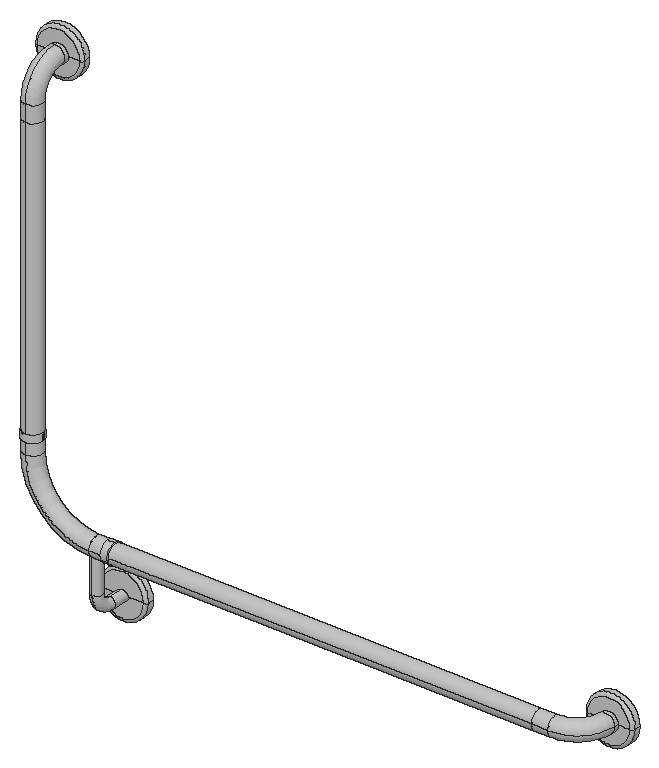
Revit family "RBA4090-911", category Plumbing Fixtures, Revit 2021
Family settings
  Round Connector Dimension = Use Diameter
  Part Type = Normal
  Work Plane-Based = No
  Always vertical = Yes
  Cut with Voids When Loaded = No
  Shared = No
  Room Calculation Point = No
Parameters
  Watermarked By = "www.rba.com.au"
  URL = "www.rba.com.au"
  R_Void [instance] = 15.00 mm
  R [instance] = 0.00 mm
  Phone Number = "1300 788 778"
  Model = "RBA4090-911"
  Materials & Finishes = #304 Stainless Steel, Satin Finish
  Manufacturer Model = "B819436"
  Manufacturer = "RBA Group"
  Description = "RTA SSS Right Hand Single Wall 90° Rail"
  Default Elevation = 0.00 mm
  Copyrighted by = "RBA Group"  # constant formula
  Assembly Code = ""
Reference planes
  plane 1 "Center (Front/Back)": y = 0
  plane 2: z = 0
  plane 3: x = 40.5
  plane 4: x = 990.5
  plane 5: x = 515.5
  plane 6: z = 700
  plane 7: x = 835.5
  plane 8: z = -100
  plane 9: x = 974.5
  plane 10: z = 16
  plane 11: y = -70
  plane 12: y = -86
  plane 13: y = -54
  plane 14: y = -79.5
  plane 15: y = -60.5
  plane 16: z = -30
  plane 17: z = 30
  plane 18: x = 1606.5
  plane 19: x = 1666.5
  plane 20: z = 670
  plane 21: z = 730
  plane 22: x = 716.5
  plane 23: x = 656.5
  plane 24: z = -130
  plane 25: z = -70
  plane 26: x = 766.5
  plane 27: x = 826.5
  plane 28: x = 686.5
Forms (mm)
  Extrusion 1, solid, material "#304 Stainless Steel, Satin Finish" <- "Materials & Finishes"
    sketch origin (1636.5, -2.628, 315.907) x (0, 0, -1) y (-1, 0, 0)
      loop
        circle (315.907, 0) r 40
    from -0.219 to 2.628
  Revolve 2, solid, material "#304 Stainless Steel, Satin Finish" <- "Materials & Finishes"
    sketch origin (1636.5, 18.663, 0) x (0, -1, 0) y (1, 0, 0)
      loop
        line (18.663, 0) -> (33.701, 0) -> (32.842, 36.617)
        arc (32.842, 36.617) -> (31.337, 40.077) -> (27.844, 41.5) r 5
        line (27.844, 41.5) -> (18.663, 41.5) -> (18.663, 0)
      axis (18.663, 0) -> (33.701, 0)
    angle from 0 to 360
  Extrusion 3, void
    sketch origin (1636.5, 34.941, 315.907) x (0, 0, -1) y (-1, 0, 0)
      loop
        circle (315.907, 30) r 5
      loop
        circle (315.907, -30) r 5
    from -37.788 to -30
  Sweep 4, solid, material "#304 Stainless Steel, Satin Finish" <- "Materials & Finishes"
    path origin (1636.5, 12.454, 0) x (0, -1, 0) y (-1, 0, 0)
      loop
        line (12.454, 0) -> (34.454, 0)
        arc (34.454, 0) -> (68.395, 14.059) -> (82.454, 48) r 48
        line (82.454, 48) -> (82.454, 76)
    profile origin (1636.5, -11, 0) x (1, 0, 0) y (0, 0, 1)
      loop
        circle (0, 0) r 16
  Extrusion 5, solid, material "#304 Stainless Steel, Satin Finish" <- "Materials & Finishes"
    sketch origin (686.5, -2.628, 1015.907) x (0, 0, -1) y (-1, 0, 0)
      loop
        circle (315.907, 0) r 40
    from -0.219 to 2.628
  Extrusion 6, void
    sketch origin (686.5, 34.941, 1015.907) x (0, 0, -1) y (-1, 0, 0)
      loop
        circle (315.907, -30) r 5
      loop
        circle (315.907, 30) r 5
    from -37.788 to -30
  Sweep 7, solid, material "#304 Stainless Steel, Satin Finish" <- "Materials & Finishes"
    path origin (-13.5, 12.454, 700) x (0, -1, 0) y (0, 0, -1)
      loop
        line (12.454, 0) -> (34.454, 0)
        arc (34.454, 0) -> (68.395, 14.059) -> (82.454, 48) r 48
        line (82.454, 48) -> (82.454, 76)
    profile origin (-13.5, -11, 700) x (0, 0, -1) y (1, 0, 0)
      loop
        circle (0, 700) r 16
  Revolve 8, solid, material "#304 Stainless Steel, Satin Finish" <- "Materials & Finishes"
    sketch origin (686.5, 18.663, 700) x (0, -1, 0) y (1, 0, 0)
      loop
        line (18.663, 0) -> (18.663, -41.5) -> (27.844, -41.5)
        arc (27.844, -41.5) -> (31.337, -40.077) -> (32.842, -36.617) r 5
        line (32.842, -36.617) -> (33.701, 0) -> (18.663, 0)
      axis (18.663, 0) -> (33.701, 0)
    angle from 0 to 360
  Sweep 9, solid, material "#304 Stainless Steel, Satin Finish" <- "Materials & Finishes"
    path origin (1677, 0, 0) x (-1, 0, 0) y (0, 0, -1)
      loop
        line (116.5, 0) -> (880.5, 0)
        arc (880.5, 0) -> (958.282, -32.218) -> (990.5, -110) r 110
        line (990.5, -110) -> (990.5, -624)
    profile origin (1178.5, 0, 0) x (0, 0, -1) y (0, -1, 0)
      loop
        circle (0, 70) r 16
  Extrusion 10, solid, material "#304 Stainless Steel, Satin Finish" <- "Materials & Finishes"
    sketch origin (796.5, -2.628, 215.907) x (0, 0, -1) y (-1, 0, 0)
      loop
        circle (315.907, 0) r 40
    from -0.219 to 2.628
  Revolve 11, solid, material "#304 Stainless Steel, Satin Finish" <- "Materials & Finishes"
    sketch origin (796.5, 18.663, -100) x (0, -1, 0) y (1, 0, 0)
      loop
        line (18.663, 0) -> (33.701, 0) -> (32.842, 36.617)
        arc (32.842, 36.617) -> (31.337, 40.077) -> (27.844, 41.5) r 5
        line (27.844, 41.5) -> (18.663, 41.5) -> (18.663, 0)
      axis (18.663, 0) -> (33.701, 0)
    angle from 0 to 360
  Sweep 12, solid, material "#304 Stainless Steel, Satin Finish" <- "Materials & Finishes"
    path origin (796.5, 12.454, -100) x (0, -1, 0) y (0, 0, 1)
      loop
        line (12.454, 0) -> (54.454, 0)
        arc (54.454, 0) -> (74.253, 8.201) -> (82.454, 28) r 28
        line (82.454, 28) -> (82.454, 100)
    profile origin (796.5, -21, -100) x (0, 0, 1) y (-1, 0, 0)
      loop
        circle (0, 0) r 9.5
  Extrusion 13, void
    sketch origin (796.5, 34.941, 215.907) x (0, 0, -1) y (-1, 0, 0)
      loop
        circle (315.907, 30) r 5
      loop
        circle (315.907, -30) r 5
    from -37.788 to -30
  Extrusion 14, solid, material "#304 Stainless Steel, Satin Finish" <- "Materials & Finishes"
    sketch origin (1677, 0, 0) x (-1, 0, 0) y (0, -1, 0)
      loop
        circle (990.5, 70) r 17
    from 142 to 130
  Extrusion 15, solid, material "#304 Stainless Steel, Satin Finish" <- "Materials & Finishes"
    sketch origin (1026.5, 0, 990.5) x (0, 0, -1) y (0, -1, 0)
      loop
        circle (990.5, 70) r 17
    from 210 to 198
Cuts and joins
  Extrusion 3 cuts Extrusion 1
  Extrusion 3 cuts Revolve 2
  Extrusion 6 cuts Extrusion 5
  Extrusion 6 cuts Revolve 8
  Extrusion 13 cuts Extrusion 10
  Extrusion 13 cuts Revolve 11
  joined: Sweep 4, Sweep 7, Sweep 9
Dimensions and locks
  level to plane 8 = 100.00 mm
  plane 6 to level = 700.00 mm
  plane 4 to plane 7 = 155.00 mm
  plane 4 to plane 3 = 950.00 mm
  Revolve 2 sketch curve to Revolve 2 sketch curve = 41.50 mm
  plane 17 to plane 16 = 60.00 mm
  plane 18 to plane 19 = 60.00 mm
  plane 21 to plane 20 = 60.00 mm
  plane 23 to plane 22 = 60.00 mm
  Revolve 8 sketch curve to Revolve 8 sketch curve = 41.50 mm
  Revolve 11 sketch curve to Revolve 11 sketch curve = 41.50 mm
  plane 25 to plane 24 = 60.00 mm
  plane 26 to plane 27 = 60.00 mm
  radius of Extrusion 1 sketch curve = 40.00 mm
  radius of Sweep 4 sketch curve = 16.00 mm
  radius of Extrusion 5 sketch curve = 40.00 mm
  radius of Sweep 7 sketch curve = 16.00 mm
  radius of Extrusion 10 sketch curve = 40.00 mm
  radius of Sweep 12 sketch curve = 9.50 mm
  aligned and locked: Revolve 2 to Extrusion 1
  aligned and locked: Revolve 11 to Extrusion 10
